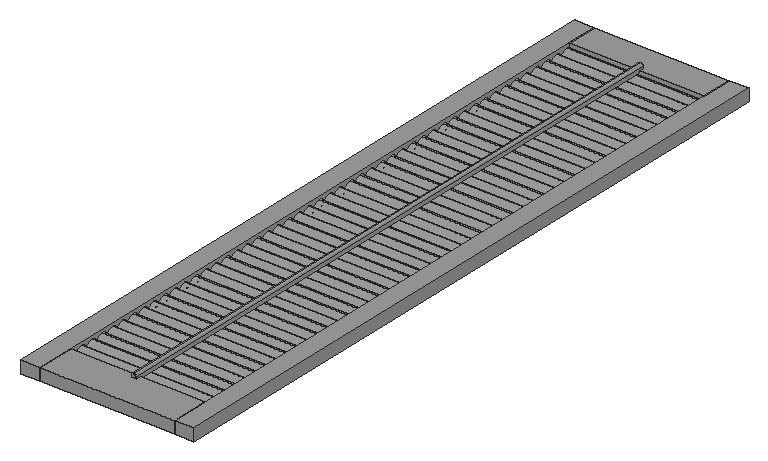
Revit family "Louver Classic 1 Panel", category Generic Models, Revit 2017
Family settings
  Can host rebar = No
  Round Connector Dimension = Use Diameter
  Part Type = Normal
  Work Plane-Based = Yes
  Always vertical = No
  Cut with Voids When Loaded = No
  Shared = No
  Room Calculation Point = No
Parameters
  URL = "www.newhorizonshutters.com"
  Type Comments = "**** All shutter dimensions and configurations to be approved by NHSI ****"
  Top Rail = 0' - 3 1/4"
  ShutterThickness = 0' - 1 1/4"
  Shutter Width = 1' - 6"
  Shutter Height = 6' - 0"
  Tilt Rod = yes
  Model = "Louver Classic"
  Manufacturer = "New Horizon Shutters"
  Louver Section 1 = Shutter Height - Top Rail - Bottom Rail - 0' 1 3/4"  # 5' - 3"
  Louver Length = Shutter Width - 0' 4"  # 1' - 2"
  Finish Color = Default
  Default Elevation = 4' - 0"
  Bottom Rail = 0' - 4"
Reference planes (in)
  plane 1 "Center (Front/Back)": y = 0
  plane 2: z = 0
  plane 3 "Center (Left/Right)": x = 0
  plane 4: x = 9
  plane 5: x = -9
  plane 6: y = 72
  plane 7: z = 1.25
  plane 8: z = 0.625
  plane 9: x = -7
  plane 10: x = 7
  plane 11: y = 68.75
  plane 12: y = 4
  plane 13: y = 4.875
  plane 14: z = 0.77183
  plane 15: z = 0.47817
  plane 16: y = 3.5
  plane 17: y = 69.25
Forms (in)
  Extrusion 1, solid, material "Default" <- "Finish Color"
    sketch origin (0, 0, 0) x (1, 0, 0) y (0, 1, 0)
      loop
        line (-9, 72) -> (-9, 0) -> (-7, 0) -> (-7, 72) -> (-9, 72)
    from 0 to 1.25
  Extrusion 2, solid, material "Default" <- "Finish Color"
    sketch origin (0, 0, 0) x (-1, 0, 0) y (0, -1, 0)
      loop
        line (-9, -72) -> (-7, -72) -> (-7, 0) -> (-9, 0) -> (-9, -72)
    from 0 to 1.25
  Extrusion 3, solid, material "Default" <- "Finish Color", visible <- "Tilt Rod"
    sketch origin (0, 0, 0) x (1, 0, 0) y (0, 0, 1)
      loop
        line (-0.2486, 1.38151) -> (-0.2486, 0.9966) -> (0.24872, 0.9966) -> (0.24872, 1.38169)
        arc (0.24872, 1.38169) -> (0.17282, 1.55753) -> (-0.0072, 1.6229) r 0.24164
        arc (-0.0072, 1.6229) -> (-0.17789, 1.5522) -> (-0.2486, 1.38151) r 0.2414
    from -69.25 to -3.5
  Extrusion 4, solid, material "Default" <- "Finish Color"
    sketch origin (0, 0, 0) x (1, 0, 0) y (0, 1, 0)
      loop
        line (-7, 68.75) -> (7, 68.75) -> (7, 72) -> (-7, 72) -> (-7, 68.75)
      loop
        line (-7, 0) -> (7, 0) -> (7, 4) -> (-7, 4) -> (-7, 0)
    from 0 to 1.25
Dimensions and locks (in)
  equal spacing: plane 5, plane 3 "Center (Left/Right)", plane 4
  "Shutter Width": plane 5 to plane 4
  "Shutter Height": plane 1 "Center (Front/Back)" to plane 6
  equal spacing: plane 7, plane 8, level
  "ShutterThickness": plane 7 to level
  plane 1 "Center (Front/Back)" to Extrusion 1 = 6' - 0"
  locked: plane 5 to plane 9 at 2
  locked: plane 10 to plane 4 at 2
  "Top Rail": plane 6 to plane 11
  "Bottom Rail": plane 1 "Center (Front/Back)" to plane 12
  locked: plane 13 to plane 12 at 0.875
  equal spacing: plane 14, plane 8, plane 15, locked at 0.14683 each
  locked: plane 7 to Extrusion 3 at 0.2534  (x2)
  locked: plane 12 to plane 16 at 0.5
  locked: plane 17 to plane 11 at 0.5
  aligned and locked: plane 2 to level
  aligned and locked: Extrusion 1 sketch curve to plane 6
  aligned and locked: plane 5 to Extrusion 1 sketch curve
  aligned and locked: Extrusion 1 sketch curve to plane 1 "Center (Front/Back)"
  aligned and locked: Extrusion 1 to level
  aligned and locked: plane 7 to Extrusion 1
  aligned and locked: plane 9 to Extrusion 1
  aligned and locked: Extrusion 2 to plane 10
  aligned and locked: plane 8 to nested 1
  aligned and locked: Extrusion 3 to plane 16
  aligned and locked: nested 1 to plane 13
  aligned and locked: nested 1 to plane 3 "Center (Left/Right)"
  aligned and locked: plane 17 to Extrusion 3
  aligned and locked: Extrusion 4 sketch curve to plane 11
  aligned and locked: Extrusion 4 sketch curve to plane 9
  aligned and locked: Extrusion 2 to Extrusion 4 sketch curve
  aligned and locked: Extrusion 4 sketch curve to Extrusion 2
  aligned and locked: Extrusion 1 to Extrusion 4 sketch curve
  aligned and locked: Extrusion 4 sketch curve to Extrusion 1
  aligned and locked: plane 12 to Extrusion 4 sketch curve
  aligned and locked: plane 10 to Extrusion 4 sketch curve
  aligned and locked: Extrusion 4 to level
  aligned and locked: Extrusion 4 to Extrusion 1
Automatic sketch dimensions
  Extrusion 1 sketch curve to plane 9 = 0' - 0"
  plane 1 "Center (Front/Back)" to Extrusion 2 sketch curve = 0' - 0"
  Extrusion 2 sketch curve to plane 4 = 0' - 0"
  Extrusion 2 sketch curve to plane 6 = 0' - 0"
  Extrusion 2 sketch curve to Extrusion 2 sketch curve = 0' - 2"
  Extrusion 3 sketch curve to plane 3 "Center (Left/Right)" = 0' - 0.2486"
  Extrusion 3 sketch curve to plane 3 "Center (Left/Right)" = 0' - 0.0072"
  plane 3 "Center (Left/Right)" to Extrusion 3 sketch curve = 0' - 0.00708"
  plane 3 "Center (Left/Right)" to Extrusion 3 sketch curve = 0' - 0.24872"
  level to Extrusion 3 sketch curve = 0' - 0.9966"
  level to Extrusion 3 sketch curve = 0' - 1.38151"
Nested families (in)
  nested 1: "Louver System 3.2" at (0, 36.375, 0.625) x (-1, 0, 0) z (0, 0, 1), type "Louver System 3.2"
Definition of nested family "Louver System 3.2"
  Parameters (values of type "Louver System 3.2")
    Number of Louvers = Louver Span / Louver Spacing  # 48
    Louver Span = 5' - 3"
    Louver Spacing = 0' - 1 79/256"
    Louver Length = 1' - 2"
    Finish Color = none
  Reference planes (in)
    plane 1 "Center (Front/Back)": y = 0
    plane 2: z = 0
    plane 3 "Center (Left/Right)": x = 0
    plane 4: x = -7
    plane 5: x = 7
    plane 6: y = -31.5
    plane 7: y = 31.5
    plane 8 "Louver Plane": z = 0
  Dimensions and locks (in)
    equal spacing: plane 4, plane 3 "Center (Left/Right)", plane 5
    equal spacing: plane 7, plane 1 "Center (Front/Back)", plane 6
    "Louver Length": plane 4 to plane 5
    equal spacing: group 1, group 3, group 4, group 5, group 6, group 7, group 8, group 9, group 10, group 11, group 12, group 13, group 14, group 15, group 16, group 17, group 18, group 19, group 20, group 21, group 22, group 23, group 24, group 25, group 26, group 27, group 28, group 29, group 30, group 31, group 32, group 33, group 34, group 35, group 36, group 37, group 38, group 39, group 40, group 41, group 42, group 43, group 44, group 45, group 46, group 47, group 48, group 2  (x3)
    "Louver Span": plane 6 to plane 7
    equal spacing: plane 6, plane 1 "Center (Front/Back)", plane 7
    aligned and locked: plane 2 to level
    aligned and locked: plane 5 to nested 1
    aligned and locked: nested 2 to plane 7
    aligned and locked: nested 1 to plane 6
    aligned and locked: level to plane 8 "Louver Plane"
  Nested families (in)
    nested 1: "Louver 3 Single" at (0, -31.5, 0), Louver Length <- "Louver Length", type "Louver 3 Single"
      with Louver Length 1' - 2"
    nested 2: "Louver 3 Single" at (0, 31.5, 0), Louver Length <- "Louver Length", type "Louver 3 Single"
      with Louver Length 1' - 2"
    nested 3: "Louver 3 Single" at (0, -30.15957, 0), Louver Length <- "Louver Length", type "Louver 3 Single"
      with Louver Length 1' - 2"
    nested 4: "Louver 3 Single" at (0, -28.81915, 0), Louver Length <- "Louver Length", type "Louver 3 Single"
      with Louver Length 1' - 2"
    nested 5: "Louver 3 Single" at (0, -27.47872, 0), Louver Length <- "Louver Length", type "Louver 3 Single"
      with Louver Length 1' - 2"
    nested 6: "Louver 3 Single" at (0, -26.1383, 0), Louver Length <- "Louver Length", type "Louver 3 Single"
      with Louver Length 1' - 2"
    nested 7: "Louver 3 Single" at (0, -24.79787, 0), Louver Length <- "Louver Length", type "Louver 3 Single"
      with Louver Length 1' - 2"
    nested 8: "Louver 3 Single" at (0, -23.45745, 0), Louver Length <- "Louver Length", type "Louver 3 Single"
      with Louver Length 1' - 2"
    nested 9: "Louver 3 Single" at (0, -22.11702, 0), Louver Length <- "Louver Length", type "Louver 3 Single"
      with Louver Length 1' - 2"
    nested 10: "Louver 3 Single" at (0, -20.7766, 0), Louver Length <- "Louver Length", type "Louver 3 Single"
      with Louver Length 1' - 2"
    nested 11: "Louver 3 Single" at (0, -19.43617, 0), Louver Length <- "Louver Length", type "Louver 3 Single"
      with Louver Length 1' - 2"
    nested 12: "Louver 3 Single" at (0, -18.09574, 0), Louver Length <- "Louver Length", type "Louver 3 Single"
      with Louver Length 1' - 2"
    nested 13: "Louver 3 Single" at (0, -16.75532, 0), Louver Length <- "Louver Length", type "Louver 3 Single"
      with Louver Length 1' - 2"
    nested 14: "Louver 3 Single" at (0, -15.41489, 0), Louver Length <- "Louver Length", type "Louver 3 Single"
      with Louver Length 1' - 2"
    nested 15: "Louver 3 Single" at (0, -14.07447, 0), Louver Length <- "Louver Length", type "Louver 3 Single"
      with Louver Length 1' - 2"
    nested 16: "Louver 3 Single" at (0, -12.73404, 0), Louver Length <- "Louver Length", type "Louver 3 Single"
      with Louver Length 1' - 2"
    nested 17: "Louver 3 Single" at (0, -11.39362, 0), Louver Length <- "Louver Length", type "Louver 3 Single"
      with Louver Length 1' - 2"
    nested 18: "Louver 3 Single" at (0, -10.05319, 0), Louver Length <- "Louver Length", type "Louver 3 Single"
      with Louver Length 1' - 2"
    nested 19: "Louver 3 Single" at (0, -8.71277, 0), Louver Length <- "Louver Length", type "Louver 3 Single"
      with Louver Length 1' - 2"
    nested 20: "Louver 3 Single" at (0, -7.37234, 0), Louver Length <- "Louver Length", type "Louver 3 Single"
      with Louver Length 1' - 2"
    nested 21: "Louver 3 Single" at (0, -6.03191, 0), Louver Length <- "Louver Length", type "Louver 3 Single"
      with Louver Length 1' - 2"
    nested 22: "Louver 3 Single" at (0, -4.69149, 0), Louver Length <- "Louver Length", type "Louver 3 Single"
      with Louver Length 1' - 2"
    nested 23: "Louver 3 Single" at (0, -3.35106, 0), Louver Length <- "Louver Length", type "Louver 3 Single"
      with Louver Length 1' - 2"
    nested 24: "Louver 3 Single" at (0, -2.01064, 0), Louver Length <- "Louver Length", type "Louver 3 Single"
      with Louver Length 1' - 2"
    nested 25: "Louver 3 Single" at (0, -0.67021, 0), Louver Length <- "Louver Length", type "Louver 3 Single"
      with Louver Length 1' - 2"
    nested 26: "Louver 3 Single" at (0, 0.67021, 0), Louver Length <- "Louver Length", type "Louver 3 Single"
      with Louver Length 1' - 2"
    nested 27: "Louver 3 Single" at (0, 2.01064, 0), Louver Length <- "Louver Length", type "Louver 3 Single"
      with Louver Length 1' - 2"
    nested 28: "Louver 3 Single" at (0, 3.35106, 0), Louver Length <- "Louver Length", type "Louver 3 Single"
      with Louver Length 1' - 2"
    nested 29: "Louver 3 Single" at (0, 4.69149, 0), Louver Length <- "Louver Length", type "Louver 3 Single"
      with Louver Length 1' - 2"
    nested 30: "Louver 3 Single" at (0, 6.03191, 0), Louver Length <- "Louver Length", type "Louver 3 Single"
      with Louver Length 1' - 2"
    nested 31: "Louver 3 Single" at (0, 7.37234, 0), Louver Length <- "Louver Length", type "Louver 3 Single"
      with Louver Length 1' - 2"
    nested 32: "Louver 3 Single" at (0, 8.71277, 0), Louver Length <- "Louver Length", type "Louver 3 Single"
      with Louver Length 1' - 2"
    nested 33: "Louver 3 Single" at (0, 10.05319, 0), Louver Length <- "Louver Length", type "Louver 3 Single"
      with Louver Length 1' - 2"
    nested 34: "Louver 3 Single" at (0, 11.39362, 0), Louver Length <- "Louver Length", type "Louver 3 Single"
      with Louver Length 1' - 2"
    nested 35: "Louver 3 Single" at (0, 12.73404, 0), Louver Length <- "Louver Length", type "Louver 3 Single"
      with Louver Length 1' - 2"
    nested 36: "Louver 3 Single" at (0, 14.07447, 0), Louver Length <- "Louver Length", type "Louver 3 Single"
      with Louver Length 1' - 2"
    nested 37: "Louver 3 Single" at (0, 15.41489, 0), Louver Length <- "Louver Length", type "Louver 3 Single"
      with Louver Length 1' - 2"
    nested 38: "Louver 3 Single" at (0, 16.75532, 0), Louver Length <- "Louver Length", type "Louver 3 Single"
      with Louver Length 1' - 2"
    nested 39: "Louver 3 Single" at (0, 18.09574, 0), Louver Length <- "Louver Length", type "Louver 3 Single"
      with Louver Length 1' - 2"
    nested 40: "Louver 3 Single" at (0, 19.43617, 0), Louver Length <- "Louver Length", type "Louver 3 Single"
      with Louver Length 1' - 2"
    nested 41: "Louver 3 Single" at (0, 20.7766, 0), Louver Length <- "Louver Length", type "Louver 3 Single"
      with Louver Length 1' - 2"
    nested 42: "Louver 3 Single" at (0, 22.11702, 0), Louver Length <- "Louver Length", type "Louver 3 Single"
      with Louver Length 1' - 2"
    nested 43: "Louver 3 Single" at (0, 23.45745, 0), Louver Length <- "Louver Length", type "Louver 3 Single"
      with Louver Length 1' - 2"
    nested 44: "Louver 3 Single" at (0, 24.79787, 0), Louver Length <- "Louver Length", type "Louver 3 Single"
      with Louver Length 1' - 2"
    nested 45: "Louver 3 Single" at (0, 26.1383, 0), Louver Length <- "Louver Length", type "Louver 3 Single"
      with Louver Length 1' - 2"
    nested 46: "Louver 3 Single" at (0, 27.47872, 0), Louver Length <- "Louver Length", type "Louver 3 Single"
      with Louver Length 1' - 2"
    nested 47: "Louver 3 Single" at (0, 28.81915, 0), Louver Length <- "Louver Length", type "Louver 3 Single"
      with Louver Length 1' - 2"
    nested 48: "Louver 3 Single" at (0, 30.15957, 0), Louver Length <- "Louver Length", type "Louver 3 Single"
      with Louver Length 1' - 2"
  Definition of nested family "Louver 3 Single"
    Parameters (values of type "Louver 3 Single")
      Louver Length [instance] = 2' - 0"
      Finish Color = none
    Reference planes (in)
      plane 1 "Center (Front/Back)": y = 0
      plane 2: z = 0
      plane 3 "Center (Left/Right)": x = 0
      plane 4: x = 12
      plane 5: x = -12
    Forms (in)
      Extrusion 1, solid, material <- "Finish Color"
        sketch origin (0, 0, 0) x (0, 1, 0) y (0, 0, 1)
          loop
            arc (0.5045, -0.3499) -> (0.70477, -0.25652) -> (0.61138, -0.05625) r 0.15625
            line (0.61138, -0.05625) -> (-0.5045, 0.3499)
            arc (-0.5045, 0.3499) -> (-0.70477, 0.25652) -> (-0.61138, 0.05625) r 0.15625
            line (-0.61138, 0.05625) -> (0.5045, -0.3499)
        from -12 to 12
    Dimensions and locks (in)
      equal spacing: plane 5, plane 3 "Center (Left/Right)", plane 4
      "Louver Length": plane 5 to plane 4
      aligned and locked: plane 2 to level
      aligned and locked: Extrusion 1 to plane 5
      aligned and locked: plane 4 to Extrusion 1
    Automatic sketch dimensions
      level to Extrusion 1 sketch curve = 0' - 0.05625"
      plane 1 "Center (Front/Back)" to Extrusion 1 sketch curve = 0' - 0.61138"
      Extrusion 1 sketch curve to Extrusion 1 sketch curve = 0' - 0.05344"  (x4)
      Extrusion 1 sketch curve to plane 1 "Center (Front/Back)" = 0' - 0.5045"
      Extrusion 1 sketch curve to level = 0' - 0.05625"
      Extrusion 1 sketch curve to Extrusion 1 sketch curve = 0' - 0.14683"  (x2)
